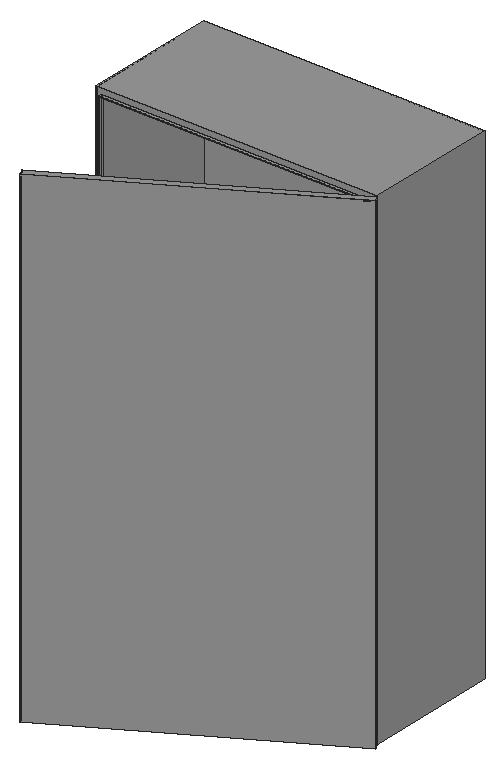
Revit family "Hager-Univers-IP55-D400-H1400-Cl.II-Steel_encl-NoHosted-BE-fr", category Electrical Equipment, Revit 2020
Family settings
  Panel Configuration = Two Columns, Circuits Across
  Round Connector Dimension = Use Diameter
  Part Type = Panelboard
  Work Plane-Based = Yes
  Always vertical = Yes
  Cut with Voids When Loaded = No
  Shared = No
  Room Calculation Point = No
Parameters (values of type "saillie IP55 L800 H1400 P400  - FR93H")
  Width Control [instance] = if([EF000008 - largeur] > Min Width, [EF000008 - largeur], Min Width)  # 800 mm
  Type Comments = [HG000003 - Gamme]  # "Univers"
  Thickness Door [instance] = if([EF009171 - épaisseur de matériau de la porte/du couvercle] > 3 mm, 3 mm, [EF009171 - épaisseur de matériau de la porte/du couvercle])  # 1.5 mm
  Seal Frame Offset [instance] = 17 mm  # constant formula
  Plinth Visibility [instance] = [HG000027 - Hauteur du socle] > 0 mm  # no
  Min Width [instance] = 100 mm  # constant formula
  Min Depth [instance] = (2 * [EF009170 - épaisseur de matériau du boîtier]) + 1 mm  # 4 mm
  Min Height [instance] = 100 mm  # constant formula
  Internal Frame Depth [instance] = (Door System Depth * 0.5)  # 9 mm
  Panel Name [instance] = ""  # (empty or 0)
  Model = ""
  HG000027 - Hauteur du socle = 0 mm
  HG000026 - Installation au sol = no
  HG000024 - Hauteur de la section basse = 600 mm
  HG000023 - Armoire double section = no
  HG000016 - Visibilité de la porte 3D [instance] = yes
  HG000015 - Visibilité de l'emprise de la porte [instance] = no
  HG000014 - Porte à droite [instance] = yes
  HG000013 - Porte à gauche [instance] = not([HG000014 - Porte à droite])  # no
  HG000012 - Angle de pivotement de la porte [instance] = 30.00°
  HG000010 - Portes asymétriques = no
  HG000009 - Porte à double battant = no
  HG000006 - Encastré = no
  HG000004 - Référence fabricant = "FR93H"
  HG000003 - Gamme = "Univers"
  HG000002 - avec porte = yes
  Frame Offset Bottom [instance] = 10 mm  # constant formula
  Frame Offset [instance] = 15 mm  # constant formula
  EF015940 - couvercle avec décharge de pression = no
  EF011959 - degré de protection (NEMA) = ""
  EF009554 - nombre d'ouvertures pour plaques à bride = 6
  EF009212 - finition du couvercle = "EV000116 - fermé"
  EF009171 - épaisseur de matériau de la porte/du couvercle = 1.5 mm
  EF009170 - épaisseur de matériau du boîtier = 1.5 mm
  EF008873 - courant nominal (In) = 800 A
  EF007800 - adapté à un parafoudre = no
  EF006306 - avec serrure = no
  EF006244 - couvercle/porte transparent(e) = no
  EF005474 - indice de protection (IP) = "EV006420 - IP55"
  EF004464 - type de porte = "EV002646 - unique"
  EF004427 - nombre de modules = 324
  EF004293 - indice de protection contre les chocs (IK) = "EV008784 - IK10"
  EF003532 - convient pour utilisation à l’extérieur = no
  EF002950 - largeur en nombre de modules = 24
  EF001613 - maintien de fonction = "EV000494 - sans"
  EF001596 - matériau du boîtier/corps = "EV000179 - acier"
  EF001131 - profondeur intérieure = 400 mm
  EF001088 - possibilité de montage en saillie = yes
  EF000437 - nombre d'entrées de conduit = 6
  EF000339 - type de capot = "EV004216 - porte"
  EF000266 - nombre de rangées = 9
  EF000218 - profondeur d'encastrement = 0 mm
  EF000118 - avec cadre/support de montage = no
  EF000116 - numéro RAL = "7035"
  EF000049 - profondeur = 400 mm
  EF000040 - hauteur = 1400 mm
  EF000008 - largeur = 800 mm
  EF000007 - couleur = "EV000270 - gris"
  EF000003 - mode de pose = "EV000384 - saillie"
  Door System Leaf Tolerance [instance] = 1.5 mm  # constant formula
  Door System Depth [instance] = 18 mm  # constant formula
  Door Height [instance] = Height Control - [HG000027 - Hauteur du socle]  # 1400 mm
  Description = ""
  Default Elevation = 1219.2 mm
  Connector Offset [instance] = Height Control / 2  # 700 mm
  Manufacturer = "Hager"  # constant formula
  Height Control [instance] = if([EF000040 - hauteur] > Min Height, [EF000040 - hauteur], Min Height)  # 1400 mm
  Depth Control [instance] = if([EF000049 - profondeur] > Min Depth, [EF000049 - profondeur], Min Depth)  # 400 mm
  Bottom Top Plate Trim [instance] = 1.5 mm  # constant formula
  Plinth height Ctrl [instance] = if([HG000027 - Hauteur du socle] > 0 mm, [HG000027 - Hauteur du socle], 12 mm)  # 12 mm
Types (3, lengths in mm): name | Width Control | HG000009 - Porte à double battant | HG000004 - Référence fabricant | EF009554 - nombre d'ouvertures pour plaques à bride | EF004464 - type de porte | EF004427 - nombre de modules | EF000437 - nombre d'entrées de conduit | EF000008 - largeur
  saillie IP55 L1050 H1400 P400  - FR94H | 1050 | yes | "FR94H" | 8 | "EV003602 - double" | 432 | 8 | 1050
  saillie IP55 L550 H1400 P400  - FR92H | 550 | no | "FR92H" | 4 | "EV002646 - unique" | 216 | 4 | 550
  saillie IP55 L800 H1400 P400  - FR93H | 800 | no | "FR93H" | 6 | "EV002646 - unique" | 324 | 6 | 800
Reference planes
  plane 1 "Center (Front/Back)": y = 0
  plane 2: z = 0
  plane 3 "Center (Left/Right)": x = 0
  plane 4: y = 0
  plane 5: y = 0
  plane 6: z = 0
  plane 7: x = -400
  plane 8: x = 400
  plane 9: x = 398.5
  plane 10: x = -398.5
  plane 11: z = 0
  plane 12: z = 1.5
  plane 13: y = -400
  plane 14: y = -1.5
  plane 15: x = 0
  plane 16: y = -382
  plane 17: y = -398.5
  plane 18: y = -380.5
  plane 19: x = -383.5
  plane 20: x = 383.5
  plane 21: z = 11.5
  plane 22: x = -383
  plane 23: x = 383
  plane 24: z = 0
  plane 25: z = 1400
  plane 26: z = 1400
  plane 27: z = 1383.5
  plane 28: z = 1398.5
Forms (mm)
  Extrusion 1, solid, material "Hager_Steel_RAL7035_Light_Grey", detail levels medium+fine
    sketch origin (-208.679, -4572, 0) x (-1, 0, 0) y (0, -1, 0)
      loop
        line (191.321, -4190) -> (-608.679, -4190) -> (-608.679, -4572) -> (191.321, -4572) -> (191.321, -4190)
    from 0 to 1400
  Extrusion 2, void
    sketch origin (-350.771, -400, 1219.2) x (1, 0, 0) y (0, 0, 1)
      loop
        line (-47.729, 179.3) -> (-47.729, -1217.7) -> (749.271, -1217.7) -> (749.271, 179.3) -> (-47.729, 179.3)
    from -19.5 to -398.5
  Extrusion 3, void
    sketch origin (-290.084, -382, 1219.2) x (1, 0, 0) y (0, 0, 1)
      loop
        line (-93.416, -1207.7) -> (673.584, -1207.7) -> (673.584, 164.3) -> (-93.416, 164.3) -> (-93.416, -1207.7)
    from 0 to -1.5
  Extrusion 4, solid, material "Hager_Steel_RAL7035_Light_Grey", visible <- "Plinth Visibility", detail levels medium+fine
    sketch origin (0, 0, 0) x (1, 0, 0) y (0, 1, 0)
      loop
        line (-400, 0) -> (-400, -382) -> (400, -382) -> (400, 0) -> (-400, 0)
    from 0 to 12 <- "Plinth height Ctrl"
  Extrusion 5, solid, material "Hager_Steel_RAL7035_Light_Grey", detail levels coarse
    sketch origin (0, 0, 0) x (1, 0, 0) y (0, 1, 0)
      loop
        line (-400, 0) -> (-400, -400) -> (400, -400) -> (400, 0) -> (-400, 0)
    from 0 to 1400 <- "Height Control"
  Sweep 6, void
    path in 3D
      loop
        line (-400, -382, 12) -> (400, -382, 12) -> (400, 0, 12) -> (-400, 0, 12) -> (-400, -382, 12)
    profile origin (-400, -191, 12) x (1, 0, 0) y (0, 0, 1)
      loop
        line (0, 0) -> (0, -1.5) -> (1.5, -1.5)
        arc (1.5, -1.5) -> (1.061, -0.439) -> (0, 0) r 1.5
  Extrusion 7, solid, material "Hager_Steel_RAL7035_Light_Grey", detail levels fine
    sketch origin (-400, -382, 0) x (1, 0, 0) y (0, 0, 1)
      loop
        line (16.5, 11.5) -> (783.5, 11.5) -> (783.5, 1383.5) -> (16.5, 1383.5) -> (16.5, 11.5)
      loop
        line (15, 10) -> (785, 10) -> (785, 1385) -> (15, 1385) -> (15, 10)
    from 0 to 9 <- "Internal Frame Depth"
Cuts and joins
  Extrusion 2, Extrusion 3 cuts Extrusion 1
  Sweep 6 cuts Extrusion 4
Lines and regions (mm)
  Masking region 1
    outline origin (0, 0, 0) x (1, 0, 0) y (0, 1, 0)
      loop
        line (-400, 0) -> (-400, -400) -> (400, -400) -> (400, 0) -> (-400, 0)
  Masking region 2, detail levels coarse
    outline origin (-290.084, -382, 1219.2) x (-1, 0, 0) y (0, 0, 1)
      loop
        line (-690.084, -1219.2) -> (109.916, -1219.2) -> (109.916, 180.8) -> (-690.084, 180.8) -> (-690.084, -1219.2)
  Masking region 3, detail levels coarse
    outline origin (0, 0, 0) x (0, 1, 0) y (0, 0, 1)
      loop
        line (0, 0) -> (0, 1400) -> (-400, 1400) -> (-400, 0) -> (0, 0)
  Masking region 4, visible <- "Plinth Visibility", detail levels medium+fine
    outline origin (0, 0, 0) x (0, 1, 0) y (0, 0, 1)
      loop
        line (-1.5, 12) -> (-380.5, 12)
        arc (-380.5, 12) -> (-380.939, 10.939) -> (-382, 10.5) r 1.5
        line (-382, 10.5) -> (-382, 0) -> (0, 0) -> (0, 10.5)
        arc (0, 10.5) -> (-1.061, 10.939) -> (-1.5, 12) r 1.5
  Masking region 5, detail levels medium+fine
    outline origin (0, 0, 594.038) x (0, 1, 0) y (0, 0, 1)
      loop
        line (0, -594.038) -> (0, 805.962) -> (-382, 805.962) -> (-382, -594.038) -> (0, -594.038)
  Masking region 6, detail levels medium+fine
    outline origin (-359.7, -382, 1211.883) x (-1, 0, 0) y (0, 0, 1)
      loop
        line (-759.7, -1211.883) -> (40.3, -1211.883) -> (40.3, 188.117) -> (-759.7, 188.117) -> (-759.7, -1211.883)
  Masking region 7, visible <- "Plinth Visibility", detail levels medium+fine
    outline origin (-320.334, -382, 1041.368) x (-1, 0, 0) y (0, 0, 1)
      loop
        line (-720.334, -1041.368) -> (79.666, -1041.368) -> (79.666, -1030.868)
        arc (79.666, -1030.868) -> (78.606, -1030.429) -> (78.166, -1029.368) r 1.5
        line (78.166, -1029.368) -> (-718.834, -1029.368)
        arc (-718.834, -1029.368) -> (-719.273, -1030.429) -> (-720.334, -1030.868) r 1.5
        line (-720.334, -1030.868) -> (-720.334, -1041.368)
  sketch lines
    curve 1: line (-400, 0, 12) -> (-400, -382, 12)
    curve 2: line (-400, -382, 12) -> (400, -382, 12)
    curve 3: line (400, 0, 12) -> (-400, 0, 12)
    curve 4: line (400, -382, 12) -> (400, 0, 12)
Dimensions and locks
  locked: plane 1 "Center (Front/Back)" to plane 5
  "EF009170 - épaisseur de matériau du boîtier": plane 7 to plane 10
  "EF009170 - épaisseur de matériau du boîtier": plane 8 to plane 9
  equal spacing: plane 7, plane 3 "Center (Left/Right)", plane 8
  "Width Control": plane 7 to plane 8
  "Depth Control": plane 4 to plane 13
  "EF009170 - épaisseur de matériau du boîtier": plane 4 to plane 14
  "Height Control": plane 25 to level
  "HG000027 - Hauteur du socle": plane 11 to level
  "EF009170 - épaisseur de matériau du boîtier": plane 12 to plane 11
  "EF009170 - épaisseur de matériau du boîtier": plane 17 to plane 13
  "EF009170 - épaisseur de matériau du boîtier": plane 18 to plane 16
  "Frame Offset Bottom": plane 21 to plane 12
  "Frame Offset": plane 10 to plane 19
  "Frame Offset": plane 9 to plane 20
  "Door System Depth": plane 16 to plane 13
  "Seal Frame Offset": plane 7 to plane 22
  "Seal Frame Offset": plane 8 to plane 23
  "EF009170 - épaisseur de matériau du boîtier": plane 26 to plane 28
  "Frame Offset": plane 28 to plane 27
  "Connector Offset": plane 2 to connector elem
  "Bottom Top Plate Trim": profile plane to Sweep 6 sketch curve
  "Bottom Top Plate Trim": Sweep 6 sketch curve to Sweep 6 sketch curve
  "Plinth height Ctrl": Masking region 4 sketch curve to level
  "Plinth height Ctrl": Masking region 7 sketch curve to level
  "Thickness Door": Extrusion 7 sketch curve to Extrusion 7 sketch curve  (x4)
  "Bottom Top Plate Trim": radius of Sweep 6 sketch curve
  "Bottom Top Plate Trim": radius of Masking region 4 sketch curve  (x2)
  "Bottom Top Plate Trim": radius of Masking region 7 sketch curve  (x2)
  aligned and locked: Extrusion 2 sketch curve to plane 12
  aligned and locked: Extrusion 2 sketch curve to plane 9
  aligned and locked: Extrusion 2 sketch curve to plane 10
  aligned and locked: Extrusion 2 to plane 14
  aligned and locked: Extrusion 1 sketch curve to plane 4
  aligned and locked: plane 8 to Extrusion 1 sketch curve
  aligned and locked: plane 7 to Extrusion 1 sketch curve
  aligned and locked: Extrusion 2 to plane 18
  aligned and locked: Extrusion 3 sketch curve to plane 19
  aligned and locked: plane 20 to Extrusion 3 sketch curve
  aligned and locked: Extrusion 3 to Extrusion 2
  aligned and locked: Extrusion 3 sketch curve to plane 21
  aligned and locked: plane 3 "Center (Left/Right)" to nested 1
  aligned and locked: Extrusion 1 sketch curve to plane 16
  aligned and locked: Extrusion 4 sketch curve to cut or joined group of Extrusion 1, Extrusion 2, Extrusion 3
  aligned and locked: Masking region 1 sketch curve to plane 7
  aligned and locked: Masking region 1 sketch curve to plane 5
  aligned and locked: Masking region 1 sketch curve to plane 8
  aligned and locked: Masking region 2 sketch curve to level
  aligned and locked: level to Masking region 3 sketch curve
  aligned and locked: plane 1 "Center (Front/Back)" to Masking region 3 sketch curve
  aligned and locked: plane 13 to Masking region 3 sketch curve
  aligned and locked: plane 5 to Masking region 4 sketch curve
  aligned and locked: Masking region 2 sketch curve to plane 8
  aligned and locked: Masking region 2 sketch curve to plane 7
  aligned and locked: plane 7 to nested 2
  aligned and locked: nested 2 to plane 5
  aligned and locked: plane 5 to Masking region 5 sketch curve
  aligned and locked: plane 26 to Masking region 5 sketch curve
  aligned and locked: Extrusion 5 sketch curve to plane 8
  aligned and locked: Extrusion 5 sketch curve to plane 7
  aligned and locked: Extrusion 5 sketch curve to plane 5
  aligned and locked: Extrusion 3 sketch curve to plane 27
  aligned and locked: Extrusion 2 sketch curve to plane 28
  aligned and locked: Masking region 2 to plane 25
  aligned and locked: Extrusion 4 to plane 16
  aligned and locked: profile plane to Sweep 6 sketch curve
  aligned and locked: Masking region 5 sketch curve to plane 24
  aligned and locked: level to Masking region 4 sketch curve
  aligned and locked: Masking region 1 to plane 13
  aligned and locked: nested 1 to plane 16
  aligned and locked: Masking region 3 to plane 25
  aligned and locked: plane 16 to Masking region 4 sketch curve
  aligned and locked: Masking region 5 sketch curve to plane 16
  aligned and locked: plane 24 to plane 11
  aligned and locked: plane 26 to plane 25
  aligned and locked: plane 26 to cut or joined group of Extrusion 1, Extrusion 2, Extrusion 3
  aligned and locked: nested 1 to plane 24
  aligned and locked: Extrusion 1 to Extrusion 3
  aligned and locked: Masking region 6 sketch curve to plane 8
  aligned and locked: Masking region 6 sketch curve to plane 24
  aligned and locked: Masking region 6 sketch curve to plane 7
  aligned and locked: Masking region 6 sketch curve to plane 26
  aligned and locked: Masking region 7 sketch curve to plane 7
  aligned and locked: level to Masking region 7 sketch curve
  aligned and locked: Masking region 7 sketch curve to plane 8
  aligned and locked: Extrusion 7 sketch curve to cut or joined group of Extrusion 1, Extrusion 2, Extrusion 3  (x4)
Automatic sketch dimensions
  plane 19 to Extrusion 3 sketch curve = 0 mm
  Extrusion 3 sketch curve to plane 20 = 0 mm
  Extrusion 3 sketch curve to plane 21 = 0 mm
  Extrusion 4 sketch curve to plane 7 = 0 mm
  Extrusion 4 sketch curve to plane 8 = 0 mm
  Extrusion 4 sketch curve to plane 16 = 0 mm
  Masking region 1 sketch curve to plane 13 = 0 mm
  Masking region 2 sketch curve to plane 25 = 0 mm
  Masking region 3 sketch curve to plane 25 = 0 mm
  Extrusion 5 sketch curve to plane 13 = 0 mm
  profile plane to Sweep 6 sketch curve = 0 mm
Nested families
  nested 1: "EC000058_Univers_Door" at (0, -382, 0), Double <- "HG000009 - Porte à double battant", Transparent <- "EF006244 - couvercle/porte transparent(e)", Angle <- "HG000012 - Angle de pivotement de la porte", Door_Right <- "HG000014 - Porte à droite", Assymetrical <- "HG000010 - Portes asymétriques", Door <- "HG000002 - avec porte", Width_Ctrl <- "Width Control", 3d_Door <- "HG000016 - Visibilité de la porte 3D", Clearance <- "HG000015 - Visibilité de l'emprise de la porte", Door_Left <- "HG000013 - Porte à gauche", Width <- "Width Control", Door_Depth <- "Door System Depth", Leaf_Tolerance <- "Door System Leaf Tolerance", Height <- "Door Height", Lock_Visibility <- "EF006306 - avec serrure", Thickness <- "Thickness Door", type "EC000058_Univers_Door", detail levels medium+fine
    with min_wh 4 mm, Width_Ctrl 800 mm, Width 800 mm, Transparent no, Thickness 1.5 mm, Seal_Material Hager_Rubber, Lock_Visibility no, Lock_Material Hager_Plastic_RAL9005_Jet_Black, Leaf_Width 800 mm, Leaf_Tolerance_External_Sides 0 mm, Leaf_Tolerance 1.5 mm, Leaf_Offset 0 mm, Leaf_Height 1397 mm, Leaf_2_Width 800 mm, Leaf_2_Offset 400 mm, Leaf_1_Width 800 mm, Leaf_1_Offset 400 mm, Height_Ctrl 1400 mm, Height 1400 mm, Glass_Material Hager_Glass, Double_Clearance_Ctrl no, Double no, Door_Right_Ctrl yes, Door_Right yes, Door_Material Hager_Steel_RAL7035_Light_Grey, Door_Left_Ctrl no, Door_Left no, Door_Depth 18 mm, Door yes, Clearance_Material Hager_Clearance, Clearance_Depth 800 mm, Clearance_Ctrl no, Clearance no, Assymetrical no, Angle 30.00°, 3d_Door yes
  nested 2: "Hager_Enclosure_Symbol" at (-400, 0, 0), Height <- "Depth Control", Width <- "Width Control", type "Hager_Enclosure_Symbol"
    with Width_Ctrl 800 mm, Width 800 mm, Height_Ctrl 400 mm, Height 400 mm, A_Width_Int 26.25 mm, A_Width 315 mm, A_Height_Ctrl 350 mm, A_Height 350 mm
Connectors
  electrical at (0, 0, 700)
    settings: on plane 1 "Center (Front/Back)", index 1, voltage 0 V, apparent load 0 VA, apparent load phase1 0 VA, apparent load phase2 0 VA, apparent load phase3 0 VA, power factor 1, load classification "Other", number of poles 1, system type 30, power factor state 1, is connector primary yes, connector utility no, sub classification motor no, connector description ""
Definition of nested family "EC000058_Univers_Door"
  Parameters (values of type "EC000058_Univers_Door")
    min_wh [instance] = (2 * Thickness) + 1 mm  # 11 mm
    Width_Ctrl [instance] = 400 mm
    Width [instance] = 500 mm
    Transparent [instance] = yes
    Thickness [instance] = 5 mm
    Seal_Material [instance] = none
    Lock_Visibility [instance] = yes
    Lock_Material [instance] = none
    Leaf_Width [instance] = if((Width_Ctrl - 2 * Leaf_Tolerance_External_Sides) > 0 mm, (Width_Ctrl - 2 * Leaf_Tolerance_External_Sides), min_wh)  # 400 mm
    Leaf_Tolerance_External_Sides [instance] = 0 mm  # constant formula
    Leaf_Tolerance [instance] = 1.5 mm
    Leaf_Offset [instance] = 0 mm  # constant formula
    Leaf_Height [instance] = if((Height_Ctrl - 2 * Leaf_Tolerance) > 0 mm, (Height_Ctrl - 2 * Leaf_Tolerance), min_wh)  # 497 mm
    Leaf_2_Width [instance] = if(and(and(Double, Assymetrical), Door_Left), (Leaf_Width / 3) - (Leaf_Tolerance / 2), if(and(and(Double, Assymetrical), Door_Right), (Leaf_Width / 3) * 2 - (Leaf_Tolerance / 2), if(and(Double, not(Assymetrical)), (Leaf_Width / 2) - Leaf_Tolerance, Leaf_Width)))  # 400 mm
    Leaf_2_Offset [instance] = if(and(Double, Assymetrical), Leaf_2_Width / 2, if(and(Double, not(Assymetrical)), Leaf_Width / 4, Leaf_Width / 2))  # 200 mm
    Leaf_1_Width [instance] = if(and(and(Double, Assymetrical), Door_Right), (Leaf_Width / 3) - (Leaf_Tolerance / 2), if(and(and(Double, Assymetrical), Door_Left), (Width / 3) * 2 - (Leaf_Tolerance / 2), if(and(Double, not(Assymetrical)), (Leaf_Width / 2) - Leaf_Tolerance, Leaf_Width)))  # 400 mm
    Leaf_1_Offset [instance] = if(and(Double, Assymetrical), Leaf_1_Width / 2, if(and(Double, not(Assymetrical)), Leaf_Width / 4, Leaf_Width / 2))  # 200 mm
    Height_Ctrl [instance] = if(Height > min_wh, Height, min_wh)  # 500 mm
    Height [instance] = 500 mm
    Glass_Material [instance] = none
    Double_Clearance_Ctrl [instance] = and(Double, Clearance)  # no
    Double [instance] = no
    Door_Right_Ctrl [instance] = and(or(Door_Right, Double), Door)  # yes
    Door_Right [instance] = yes
    Door_Material [instance] = none
    Door_Left_Ctrl [instance] = and(or(Door_Left, Double), Door)  # no
    Door_Left [instance] = no
    Door_Depth [instance] = 30 mm
    Door [instance] = yes
    Default Elevation = 1219.2 mm
    Clearance_Material [instance] = none
    Clearance_Depth [instance] = if(Leaf_1_Width > Leaf_2_Width, Leaf_1_Width, Leaf_2_Width)  # 400 mm
    Clearance_Ctrl [instance] = and(not(Double), Clearance)  # yes
    Clearance [instance] = yes
    Assymetrical [instance] = yes
    Angle [instance] = 30.00°
    3d_Door [instance] = yes
  Reference planes
    plane 1 "Center (Front/Back)": y = 0
    plane 2 "Bottom": z = 0
    plane 3 "Center (Left/Right)": x = 0
    plane 4: z = 500
    plane 5: x = -200
    plane 6: x = 200
    plane 7: z = 500
    plane 8: x = -200
    plane 9: z = 0
    plane 10: x = 200
    plane 11: y = 0
    plane 12: z = 1.5
    plane 13: x = -600
    plane 14: y = -400
    plane 15: x = 600
    plane 16: x = 0
    plane 17: x = 0
    plane 18: x = -200
    plane 19: x = 200
    plane 20: z = 498.5
  Forms (mm)
    Extrusion 1, solid, material <- "Clearance_Material", visible <- "Double_Clearance_Ctrl"
      sketch origin (1200, 0, 0) x (1, 0, 0) y (0, 0, -1)
        loop
          line (-1800, -498.5) -> (-600, -498.5) -> (-600, 0) -> (-1800, 0) -> (-1800, -498.5)
      from 0 to -400
  Dimensions and locks
    equal spacing: plane 5, plane 3 "Center (Left/Right)", plane 6
    "Width_Ctrl": plane 5 to plane 6
    "Leaf_Offset": plane 5 to plane 8
    "Leaf_Offset": plane 6 to plane 10
    "Leaf_Offset": plane 9 to level
    "Leaf_Offset": plane 4 to plane 7
    "Height_Ctrl": plane 4 to level
    "Leaf_Tolerance": plane 12 to plane 9
    locked: plane 11 to plane 1 "Center (Front/Back)"
    "Leaf_1_Offset": plane 18 to plane 16
    "Leaf_2_Offset": plane 17 to plane 19
    "Leaf_1_Width": plane 13 to plane 8
    "Leaf_2_Width": plane 10 to plane 15
    "Clearance_Depth": plane 14 to plane 1 "Center (Front/Back)"
    "Leaf_Tolerance_External_Sides": plane 8 to plane 18
    "Leaf_Tolerance_External_Sides": plane 19 to plane 10
    "Leaf_Tolerance": plane 7 to plane 20
    aligned and locked: level to plane 2 "Bottom"
    aligned and locked: nested 1 to plane 16
    aligned and locked: nested 2 to plane 17
    aligned and locked: Extrusion 1 to plane 13
    aligned and locked: plane 15 to Extrusion 1
    aligned and locked: Extrusion 1 to plane 14
    aligned and locked: plane 12 to nested 1
    aligned and locked: nested 2 to plane 12
    aligned and locked: Extrusion 1 to plane 11
    aligned and locked: plane 20 to Extrusion 1
    aligned and locked: nested 2 to plane 11
    aligned and locked: nested 1 to plane 11
  Automatic sketch dimensions
    Extrusion 1 sketch curve to level = 0 mm
    plane 5 to Extrusion 1 sketch curve = 400 mm
    plane 6 to Extrusion 1 sketch curve = 400 mm
    Extrusion 1 sketch curve to plane 4 = 1.5 mm
  Nested families
    nested 1: "EC000058_Univers_Door_Leaf" at (0, 0, 1.5), Width <- "Leaf_1_Width", visible <- "Door_Left_Ctrl", Leaf_Height <- "Leaf_Height", Angle <- "Angle", 3d_Door <- "3d_Door", Transparent <- "Transparent", Clearance Material <- "Clearance_Material", Clearance <- "Clearance_Ctrl", Door_Material <- "Door_Material", Glass_Material <- "Glass_Material", Door_Depth <- "Door_Depth", Lock_Material <- "Lock_Material", Seal_Material <- "Seal_Material", Lock_Visibility <- "Lock_Visibility", Thickness <- "Thickness", type "EC000058_Univers_Door_Leaf"
      with Width 400 mm, Transparent_Glass_Offset 30 mm, Transparent_Ctrl yes, Transparent yes, Thickness 5 mm, Standard no, Seal_Material none, Seal_D2 8 mm, Seal_D1 1 mm, Offset_Internal_Frame 10 mm, Lock_Width 20 mm, Lock_Visibility_3d yes, Lock_Visibility yes, Lock_Thickness_3 3 mm, Lock_Thickness_2 1 mm, Lock_Thickness_1 3 mm, Lock_Radius_Offset_2 16 mm, Lock_Radius_Offset_1 15 mm, Lock_Radius_2 5 mm, Lock_Radius 6 mm, Lock_Offset 5 mm, Lock_Material none, Lock_Height 80 mm, Lock_Cover_Top_Offset_2d 17 mm, Lock_Cover_Height -65 mm, Leaf_Height 497 mm, Internal_Seal_Thickness 8 mm, Internal_Seal_Depth_2 4.5 mm, Internal_Frame_Depth 25 mm, Glass_Thickness -1 mm, Glass_Offset -2 mm, Glass_Material none, Door_Material none, Door_Depth 30 mm, Clearance Material none, Clearance yes, Angle_Ctrl 30.00°, Angle 30.00°, 3d_Door yes
    nested 2: "EC000058_Univers_Door_Leaf" at (0, 0, 1.5) x (-1, 0, 0) z (0, 0, 1), Width <- "Leaf_2_Width", visible <- "Door_Right_Ctrl", Leaf_Height <- "Leaf_Height", Angle <- "Angle", 3d_Door <- "3d_Door", Transparent <- "Transparent", Clearance Material <- "Clearance_Material", Clearance <- "Clearance_Ctrl", Door_Material <- "Door_Material", Glass_Material <- "Glass_Material", Door_Depth <- "Door_Depth", Lock_Material <- "Lock_Material", Seal_Material <- "Seal_Material", Lock_Visibility <- "Lock_Visibility", Thickness <- "Thickness", type "EC000058_Univers_Door_Leaf"
      with Width 400 mm, Transparent_Glass_Offset 30 mm, Transparent_Ctrl yes, Transparent yes, Thickness 5 mm, Standard no, Seal_Material none, Seal_D2 8 mm, Seal_D1 1 mm, Offset_Internal_Frame 10 mm, Lock_Width 20 mm, Lock_Visibility_3d yes, Lock_Visibility yes, Lock_Thickness_3 3 mm, Lock_Thickness_2 1 mm, Lock_Thickness_1 3 mm, Lock_Radius_Offset_2 16 mm, Lock_Radius_Offset_1 15 mm, Lock_Radius_2 5 mm, Lock_Radius 6 mm, Lock_Offset 5 mm, Lock_Material none, Lock_Height 80 mm, Lock_Cover_Top_Offset_2d 17 mm, Lock_Cover_Height -65 mm, Leaf_Height 497 mm, Internal_Seal_Thickness 8 mm, Internal_Seal_Depth_2 4.5 mm, Internal_Frame_Depth 25 mm, Glass_Thickness -1 mm, Glass_Offset -2 mm, Glass_Material none, Door_Material none, Door_Depth 30 mm, Clearance Material none, Clearance yes, Angle_Ctrl 30.00°, Angle 30.00°, 3d_Door yes
  Definition of nested family "EC000058_Univers_Door_Leaf"
    Parameters (values of type "EC000058_Univers_Door_Leaf")
      Width [instance] = 2000 mm
      Transparent_Glass_Offset [instance] = 30 mm
      Transparent_Ctrl [instance] = and(Transparent, [3d_Door])  # yes
      Transparent [instance] = yes
      Thickness [instance] = 5 mm
      Standard [instance] = and(not(Transparent), [3d_Door])  # no
      Seal_Material [instance] = none
      Seal_D2 [instance] = 8 mm  # constant formula
      Seal_D1 [instance] = 1 mm  # constant formula
      Offset_Internal_Frame [instance] = 10 mm  # constant formula
      Lock_Width [instance] = 20 mm  # constant formula
      Lock_Visibility_3d [instance] = and(Lock_Visibility, [3d_Door])  # yes
      Lock_Visibility [instance] = yes
      Lock_Thickness_3 [instance] = 3 mm  # constant formula
      Lock_Thickness_2 [instance] = 1 mm  # constant formula
      Lock_Thickness_1 [instance] = 3 mm  # constant formula
      Lock_Radius_Offset_2 [instance] = Lock_Radius_Offset_1 + 1 mm  # 16 mm
      Lock_Radius_Offset_1 [instance] = 15 mm  # constant formula
      Lock_Radius_2 [instance] = Lock_Radius - 1 mm  # 5 mm
      Lock_Radius [instance] = 6 mm  # constant formula
      Lock_Offset [instance] = 5 mm  # constant formula
      Lock_Material [instance] = none
      Lock_Height [instance] = 80 mm  # constant formula
      Lock_Cover_Top_Offset_2d [instance] = Lock_Radius_Offset_2 + 1 mm  # 17 mm
      Lock_Cover_Height [instance] = -(Lock_Height - Lock_Radius_Offset_1)  # -65 mm
      Leaf_Height [instance] = 2720.336 mm
      Internal_Seal_Thickness [instance] = 8 mm  # constant formula
      Internal_Seal_Depth_2 [instance] = 4.5 mm  # constant formula
      Internal_Frame_Depth [instance] = if(Door_Depth - Thickness > 5 mm, Door_Depth - Thickness, 5 mm)  # 25 mm
      Glass_Thickness [instance] = if(Thickness > 15 mm, Glass_Offset + 10 mm, -1 mm)  # -1 mm
      Glass_Offset [instance] = if(Thickness > 15 mm, -(Thickness + 10 mm) / 2, -2 mm)  # -2 mm
      Glass_Material [instance] = none
      Door_Material [instance] = none
      Door_Depth [instance] = 30 mm
      Default Elevation = 0 mm
      Clearance Material [instance] = none
      Clearance [instance] = yes
      Angle_Ctrl [instance] = if(Angle > 180.00°, 180.00°, Angle)  # 90.00°
      Angle [instance] = 90.00°
      3d_Door [instance] = yes
    Reference planes
      plane 1 "Center (Front/Back)": y = 0
      plane 2: z = 0
      plane 3 "Center (Left/Right)": x = 0
      plane 4: y = 2000
      plane 5: x = -1000
      plane 6: x = 1000
      plane 7: x = -3000
      plane 8: z = 2720.336
      plane 9: z = 30
      plane 10: z = 2690.336
      plane 11: x = 970
      plane 12: x = -970
      plane 13: y = -3
      plane 14: z = 107.833
      plane 15: y = -5
      plane 16: y = -223.314
      plane 17: x = -1000
      plane 18: z = 1360.168
      plane 19: y = 30
    Forms (mm)
      Extrusion 1, solid, material <- "Clearance Material", visible <- "Clearance"
        sketch origin (0, 0, 0) x (1, 0, 0) y (0, 0, 1)
          loop
            line (-3000, 2720.336) -> (-3000, 0) -> (1000, 0) -> (1000, 2720.336) -> (-3000, 2720.336)
        from 0 to -2000
      Extrusion 2, solid, material <- "Door_Material", visible <- "Standard", detail levels medium+fine
        sketch origin (-1000, 0, 0) x (0, 1, 0) y (-1, 0, 0)
          loop
            line (0, 30) -> (0, 25) -> (2000, 25) -> (2000, 30) -> (0, 30)
        from 0 to 2720.336 <- "Leaf_Height"
      Extrusion 3, solid, material <- "Door_Material", visible <- "Transparent_Ctrl", detail levels medium+fine
        sketch origin (-1000, 0, 0) x (0, 1, 0) y (-1, 0, 0)
          loop
            line (0, 25) -> (2000, 25) -> (2000, 30) -> (0, 30) -> (0, 25)
        from 0 to 2720.336 <- "Leaf_Height"
      Extrusion 4, void
        sketch origin (-1025, 2000, 0) x (0, 1, 0) y (0, 0, -1)
          loop
            line (-30, -2690.336) -> (-30, -30) -> (-1970, -30) -> (-1970, -2690.336) -> (-30, -2690.336)
        from 0 to 5 <- "Thickness"
      Sweep 5, solid, material <- "Seal_Material", visible <- "Transparent_Ctrl", detail levels fine
        path in 3D
          loop
            line (-1025, 30, 30) -> (-1025, 30, 2690.336) -> (-1025, 1970, 2690.336) -> (-1025, 1970, 30) -> (-1025, 30, 30)
        profile origin (-1025, 1000, 30) x (1, 0, 0) y (0, 0, 1)
          loop
            line (0, 0) -> (0, -8) -> (1, -8) -> (1, 0) -> (0, 0)
      Extrusion 6, solid, material <- "Glass_Material", visible <- "Transparent_Ctrl", detail levels medium+fine
        sketch origin (-1030, 0, 0) x (0, 1, 0) y (0, 0, -1)
          loop
            line (1970, -2690.336) -> (1970, -30) -> (30, -30) -> (30, -2690.336) -> (1970, -2690.336)
        from -2 <- "Glass_Offset" to -1 <- "Glass_Thickness"
      Extrusion 7, solid, material <- "Door_Material", visible <- "3d_Door", detail levels medium+fine
        sketch origin (-1025, 2000, 0) x (0, -1, 0) y (0, 0, -1)
          loop
            line (0, -2720.336) -> (2000, -2720.336) -> (2000, 0) -> (0, 0) -> (0, -2720.336)
          loop
            line (1995, -5) -> (5, -5) -> (5, -2715.336) -> (1995, -2715.336) -> (1995, -5)
        from 0 to 25 <- "Internal_Frame_Depth"
      Sweep 8, solid, material <- "Seal_Material", visible <- "Transparent_Ctrl", detail levels fine
        path in 3D
          loop
            line (-1025, 0, 0) -> (-1025, 2000, 0) -> (-1025, 2000, 2720.336) -> (-1025, 0, 2720.336) -> (-1025, 0, 0)
        profile origin (-1025, 0, 1360.168) x (1, 0, 0) y (0, 1, 0)
          loop
            line (0, 10) -> (2.975, 10)
            arc (2.975, 10) -> (4.053, 10.447) -> (4.5, 11.525) r 1.525
            line (4.5, 11.525) -> (4.5, 16.527)
            arc (4.5, 16.527) -> (4.069, 17.569) -> (3.027, 18) r 1.473
            line (3.027, 18) -> (0, 18) -> (0, 10)
      Extrusion 9, solid, material <- "Lock_Material", visible <- "Lock_Visibility_3d", detail levels fine
        sketch origin (-1030, 0, 0) x (0, 1, 0) y (0, 0, -1)
          loop
            arc (1993.5, -1400.168) -> (1994.561, -1399.729) -> (1995, -1398.668) r 1.5
            line (1995, -1398.668) -> (1995, -1320.168) -> (1975, -1320.168) -> (1975, -1398.668)
            arc (1975, -1398.668) -> (1975.439, -1399.729) -> (1976.5, -1400.168) r 1.5
            line (1976.5, -1400.168) -> (1993.5, -1400.168)
        from 3 <- "Lock_Thickness_1" to 0
      Blend 10, solid, material <- "Lock_Material", visible <- "Lock_Visibility_3d", detail levels fine
        base sketch origin (-1033, 0, 0) x (0, 1, 0) y (0, 0, -1)
          loop
            line (1975, -1320.168) -> (1975, -1398.668)
            arc (1975, -1398.668) -> (1975.439, -1399.729) -> (1976.5, -1400.168) r 1.5
            line (1976.5, -1400.168) -> (1993.5, -1400.168)
            arc (1993.5, -1400.168) -> (1994.561, -1399.729) -> (1995, -1398.668) r 1.5
            line (1995, -1398.668) -> (1995, -1320.168) -> (1975, -1320.168)
        top sketch origin (-1033, 0, 0) x (0, 1, 0) y (0, 0, -1)
          loop
            line (1976, -1320.168) -> (1976, -1398.668)
            arc (1976, -1398.668) -> (1976.146, -1399.022) -> (1976.5, -1399.168) r 0.5
            line (1976.5, -1399.168) -> (1993.5, -1399.168)
            arc (1993.5, -1399.168) -> (1993.854, -1399.022) -> (1994, -1398.668) r 0.5
            line (1994, -1398.668) -> (1994, -1320.168) -> (1976, -1320.168)
        from 0 to 1 <- "Lock_Thickness_2"
      Blend 11, solid, material <- "Lock_Material", visible <- "Lock_Visibility_3d", detail levels fine
        base sketch origin (-1034, 0, 0) x (0, 1, 0) y (0, 0, -1)
          loop
            line (1978, -1320.168) -> (1978, -1384.168)
            arc (1978, -1384.168) -> (1985, -1391.168) -> (1992, -1384.168) r 7
            line (1992, -1384.168) -> (1992, -1320.168) -> (1978, -1320.168)
        top sketch origin (-1034, 0, 0) x (0, 1, 0) y (0, 0, -1)
          loop
            line (1991, -1320.168) -> (1979, -1320.168) -> (1979, -1383.168)
            arc (1979, -1383.168) -> (1985, -1389.168) -> (1991, -1383.168) r 6
            line (1991, -1383.168) -> (1991, -1320.168)
        from 0 to 3 <- "Lock_Thickness_3"
      Extrusion 12, solid, material <- "Lock_Material", visible <- "Lock_Visibility_3d", detail levels fine
        sketch origin (-1030, 1975, 1320.168) x (1, 0, 0) y (0, -1, 0)
          loop
            line (-7, -19) -> (-7, -1) -> (0, -1) -> (0, 0) -> (-8, 0) -> (-8, -20) -> (0, -20) -> (0, -19) -> (-7, -19)
        from 0 to -65 <- "Lock_Cover_Height"
      Extrusion 13, void
        sketch origin (-1038, 1995, 1320.168) x (-1, 0, 0) y (0, 0, -1)
          loop
            line (-5, -65) -> (0, -65) -> (-5, -60) -> (-5, -65)
        from 0 to 20 <- "Lock_Width"
      Extrusion 14, void
        sketch origin (-1038, 1975, 1320.168) x (0, -1, 0) y (0, 0, -1)
          loop
            circle (-10, -15.995) r 6
          loop
            circle (-10, -15.995) r 5
        from 0 to 2
      Extrusion 15, solid, material <- "Lock_Material", visible <- "Lock_Visibility_3d", detail levels medium
        sketch origin (-1030, 0, 0) x (0, 1, 0) y (0, 0, -1)
          loop
            arc (1993.5, -1400.168) -> (1994.561, -1399.729) -> (1995, -1398.668) r 1.5
            line (1995, -1398.668) -> (1995, -1320.168) -> (1975, -1320.168) -> (1975, -1398.668)
            arc (1975, -1398.668) -> (1975.439, -1399.729) -> (1976.5, -1400.168) r 1.5
            line (1976.5, -1400.168) -> (1993.5, -1400.168)
        from 8 to 0
    Cuts and joins
      Extrusion 4 cuts Extrusion 3
      Extrusion 13, Extrusion 14 cuts Extrusion 9
      Extrusion 14 cuts Blend 11
      Extrusion 13, Extrusion 14 cuts Extrusion 12
      joined: Extrusion 9, Blend 10, Blend 11, Extrusion 12
      Extrusion 14 cuts Extrusion 15
    Lines and regions (mm)
      Masking region 1, visible <- "Lock_Visibility", detail levels fine
        outline origin (0, 0, 0) x (0, 1, 0) y (0, 0, 1)
          loop
            line (30, 1320.168) -> (33, 1320.168) -> (33, 1400.168) -> (30, 1400.168) -> (30, 1320.168)
      Masking region 2, visible <- "Lock_Visibility", detail levels fine
        outline origin (0, 3.143, 0) x (0, 1, 0) y (0, 0, 1)
          loop
            line (29.857, 1354.168) -> (30.857, 1354.168) -> (30.857, 1366.168) -> (29.857, 1366.168) -> (29.857, 1354.168)
      Masking region 3, detail levels medium+fine
        outline origin (0, 0, 0) x (0, 1, 0) y (0, 0, 1)
          loop
            line (0, 0) -> (30, 0) -> (30, 2720.336) -> (0, 2720.336) -> (0, 0)
      Masking region 4, detail levels medium+fine
        outline origin (0, 0, 0) x (1, 0, 0) y (0, 0, 1)
          loop
            line (-1000, 2720.336) -> (-1000, 0) -> (1000, 0) -> (1000, 2720.336) -> (-1000, 2720.336)
      Masking region 5, visible <- "Lock_Visibility", detail levels fine
        outline origin (-47.116, 0, 0) x (1, 0, 0) y (0, 0, 1)
          loop
            arc (1024.616, 1399.168) -> (1023.556, 1398.729) -> (1023.116, 1397.668) r 1.5
            line (1023.116, 1397.668) -> (1023.116, 1320.168) -> (1041.116, 1320.168) -> (1041.116, 1397.668)
            arc (1041.116, 1397.668) -> (1040.677, 1398.729) -> (1039.616, 1399.168) r 1.5
            line (1039.616, 1399.168) -> (1024.616, 1399.168)
      Masking region 6, visible <- "Lock_Visibility", detail levels medium+fine
        outline origin (-25, 0, 0) x (1, 0, 0) y (0, 0, 1)
          loop
            arc (1001.5, 1400.168) -> (1000.439, 1399.729) -> (1000, 1398.668) r 1.5
            line (1000, 1398.668) -> (1000, 1320.168) -> (1020, 1320.168) -> (1020, 1398.668)
            arc (1020, 1398.668) -> (1019.561, 1399.729) -> (1018.5, 1400.168) r 1.5
            line (1018.5, 1400.168) -> (1001.5, 1400.168)
      Masking region 7, visible <- "Lock_Visibility", detail levels fine
        outline origin (-73.735, 0, 0) x (1, 0, 0) y (0, 0, 1)
          loop
            line (1051.735, 1382.168) -> (1065.735, 1382.168) -> (1065.735, 1384.168)
            arc (1065.735, 1384.168) -> (1058.735, 1391.168) -> (1051.735, 1384.168) r 7
            line (1051.735, 1384.168) -> (1051.735, 1382.168)
      Masking region 8, visible <- "Lock_Visibility", detail levels fine
        outline origin (-73.735, 0, 0) x (1, 0, 0) y (0, 0, 1)
          loop
            line (1052.735, 1382.168) -> (1064.735, 1382.168) -> (1064.735, 1383.168)
            arc (1064.735, 1383.168) -> (1058.735, 1389.168) -> (1052.735, 1383.168) r 6
            line (1052.735, 1383.168) -> (1052.735, 1382.168)
      Masking region 9, visible <- "Lock_Visibility", detail levels fine
        outline origin (-25, 0, 0) x (1, 0, 0) y (0, 0, 1)
          loop
            line (1020, 1320.168) -> (1020, 1382.168) -> (1000, 1382.168) -> (1000, 1320.168) -> (1020, 1320.168)
      Masking region 10, detail levels medium+fine
        outline origin (0, 0, 0) x (1, 0, 0) y (0, 0, 1)
          loop
            circle (985, 1335.144) r 6
      Masking region 11, detail levels fine
        outline origin (0, 0, 0) x (1, 0, 0) y (0, 0, 1)
          loop
            circle (985, 1335.144) r 5
      Masking region 12, visible <- "Lock_Visibility", detail levels fine
        outline origin (0, 12.767, 0) x (0, 1, 0) y (0, 0, 1)
          loop
            line (20.233, 1320.168) -> (21.233, 1320.168) -> (21.233, 1399.168) -> (20.233, 1400.168) -> (20.233, 1320.168)
      Masking region 13, visible <- "Lock_Visibility", detail levels fine
        outline origin (0, 13.767, -10) x (0, 1, 0) y (0, 0, 1)
          loop
            line (20.233, 1330.168) -> (23.233, 1330.168) -> (23.233, 1399.168) -> (20.233, 1402.168) -> (20.233, 1330.168)
      Masking region 14, visible <- "Lock_Visibility", detail levels fine
        outline origin (0, 12.767, -10) x (0, 1, 0) y (0, 0, 1)
          loop
            line (20.233, 1330.168) -> (25.233, 1330.168) -> (25.233, 1399.305) -> (20.233, 1394.305) -> (20.233, 1330.168)
      Masking region 15, visible <- "Lock_Visibility", detail levels medium
        outline origin (0, 0, 0) x (0, 1, 0) y (0, 0, 1)
          loop
            line (30, 1320.168) -> (38, 1320.168) -> (38, 1400.168) -> (30, 1400.168) -> (30, 1320.168)
      Masking region 16, visible <- "Lock_Visibility", detail levels fine
        outline origin (-1000, 0, 0) x (0, 1, 0) y (-1, 0, 0)
          loop
            line (1975, 30) -> (1995, 30) -> (1995, 38) -> (1975, 38) -> (1975, 30)
          loop
            line (1979, 37) -> (1976, 37) -> (1976, 34) -> (1978, 34) -> (1979, 37)
          loop
            line (1994, 37) -> (1991, 37) -> (1992, 34) -> (1994, 34) -> (1994, 37)
      Masking region 17, visible <- "Lock_Visibility", detail levels medium
        outline origin (-1000, 0, 0) x (0, 1, 0) y (-1, 0, 0)
          loop
            line (1975, 30) -> (1995, 30) -> (1995, 38) -> (1975, 38) -> (1975, 30)
      symbolic lines
        curve 1: line (1000, 0, 0) -> (-3000, 0, 0)
        curve 2: arc (1000, 0, 0) -> (-1000, 2000, 0) -> (-3000, 0, 0) r 2000
        curve 4: line (-1030, 0, 0) -> (-1030, 2000, 0)
      reference lines
        curve 3: line (-1000, 0, 0) -> (-1000, 2000, 0)
      symbolic lines, detail levels medium+fine
        curve 5: line (-1030, 2000, 0) -> (-1025, 2000, 0)
        curve 7: line (-1025, 0, 0) -> (-1030, 0, 0)
        curve 8: line (-1025, 0, 0) -> (-1000, 0, 0)
        curve 9: line (-1000, 0, 0) -> (-1000, 2000, 0)
        curve 10: line (-1000, 2000, 0) -> (-1025, 2000, 0)
      symbolic lines, detail levels fine
        curve 6: line (-1025, 2000, 0) -> (-1025, 0, 0)
      sketch lines
        curve 11: line (-1025, 0, 2720.336) -> (-1025, 0, 0)
        curve 12: line (-1025, 2000, 0) -> (-1025, 0, 0)
        curve 13: line (-1025, 2000, 2720.336) -> (-1025, 2000, 0)
        curve 14: line (-1025, 0, 2720.336) -> (-1025, 2000, 2720.336)
        curve 15: line (-1025, 1970, 30) -> (-1025, 30, 30)
        curve 16: line (-1025, 30, 30) -> (-1025, 30, 2690.336)
        curve 17: line (-1025, 1970, 2690.336) -> (-1025, 1970, 30)
        curve 18: line (-1025, 30, 2690.336) -> (-1025, 1970, 2690.336)
      symbolic lines, visible <- "Transparent", detail levels medium+fine
        curve 19: line (-970, 0, 2690.336) -> (970, 0, 2690.336)
        curve 20: line (-970, 0, 30) -> (-970, 0, 2690.336)
        curve 21: line (970, 0, 30) -> (-970, 0, 30)
        curve 22: line (970, 0, 2690.336) -> (970, 0, 30)
    Dimensions and locks
      "Width": plane 1 "Center (Front/Back)" to plane 4
      equal spacing: plane 5, plane 3 "Center (Left/Right)", plane 6
      "Width": plane 5 to plane 6
      "Width": plane 7 to plane 5
      "Leaf_Height": plane 8 to level
      "Width": curve 5 to curve 3
      "Width": curve 3 to curve 3
      plane 8 to plane 10 = 30 mm
      plane 9 to level = 30 mm
      plane 12 to plane 5 = 30 mm
      plane 6 to plane 11 = 30 mm
      Extrusion 1 to Extrusion 4 sketch curve = 30 mm
      "Transparent_Glass_Offset": curve 3 to Extrusion 4 sketch curve
      "Transparent_Glass_Offset": Extrusion 4 sketch curve to cut or joined group of Extrusion 3, Extrusion 4  (x2)
      cut or joined group of Extrusion 3, Extrusion 4 to Extrusion 6 sketch curve = 30 mm
      "Transparent_Glass_Offset": cut or joined group of Extrusion 3, Extrusion 4 to Extrusion 4 sketch curve
      "Thickness": curve 6 to curve 4
      "Thickness": Extrusion 7 sketch curve to Extrusion 7 sketch curve  (x4)
      "Door_Depth": curve 4 to curve 3
      "Offset_Internal_Frame": profile plane to Sweep 8 sketch curve
      "Internal_Seal_Thickness": Sweep 8 sketch curve to Sweep 8 sketch curve
      "Internal_Seal_Depth_2": profile plane to Sweep 8 sketch curve
      "Seal_D1": profile plane to Sweep 5 sketch curve
      "Seal_D2": profile plane to Sweep 5 sketch curve
      "Thickness": Extrusion 2 sketch curve to Extrusion 2 sketch curve
      equal spacing: Extrusion 9 sketch curve, plane 18, Extrusion 9 sketch curve  (x2)
      equal spacing: Masking region 1 sketch curve, plane 18, Masking region 1 sketch curve
      "Lock_Height": Masking region 1 sketch curve to Masking region 1 sketch curve
      "Lock_Radius": Masking region 2 sketch curve to plane 18 to Masking region 2 sketch curve
      Masking region 2 sketch curve to Masking region 1 = 1 mm
      "Door_Depth": plane 19 to plane 1 "Center (Front/Back)"
      "Lock_Thickness_1": Masking region 1 sketch curve to plane 19
      "Lock_Width": Extrusion 9 sketch curve to Extrusion 9 sketch curve
      "Lock_Height": Extrusion 9 sketch curve to Extrusion 9 sketch curve
      "Lock_Offset": cut or joined group of Extrusion 3, Extrusion 4 to Extrusion 9 sketch curve
      equal spacing: plane 8, plane 18, level
      "Lock_Radius_Offset_1": Blend 11 sketch curve to Blend 10
      locked: Blend 10 to Blend 11 sketch curve at 2  (x2)
      locked: var sketch to Blend 11 sketch curve at 1  (x2)
      "Lock_Radius_Offset_2": Blend 11 sketch curve to Blend 10
      locked: Extrusion 12 sketch curve to Extrusion 12 sketch curve at 1  (x3)
      Masking region 6 sketch curve to Masking region 6 sketch curve = 80 mm
      "Lock_Height": Masking region 6 sketch curve to Masking region 6 sketch curve
      "Lock_Width": Masking region 6 sketch curve to Masking region 6 sketch curve
      locked: Masking region 6 to Masking region 5 sketch curve at 1  (x3)
      locked: Masking region 5 to Masking region 7 sketch curve at 2  (x2)
      "Lock_Radius_Offset_1": Masking region 5 to Masking region 7 sketch curve
      "Lock_Radius_Offset_2": Masking region 5 to Masking region 8 sketch curve
      locked: Masking region 7 to Masking region 8 sketch curve at 1  (x2)
      "Lock_Cover_Top_Offset_2d": Masking region 5 to Masking region 9 sketch curve
      equal spacing: Masking region 9, Masking region 10 sketch curve, Masking region 9
      equal spacing: Masking region 9, Masking region 11 sketch curve, Masking region 9
      Extrusion 15 sketch curve to Extrusion 15 sketch curve = 80 mm
      "Lock_Width": Extrusion 15 sketch curve to Extrusion 15 sketch curve
      "Lock_Height": Extrusion 15 sketch curve to Extrusion 15 sketch curve
      equal spacing: Extrusion 15 sketch curve, plane 18, Extrusion 15 sketch curve
      "Lock_Thickness_3": Masking region 13 sketch curve to Masking region 13 sketch curve
      "Lock_Height": Masking region 12 sketch curve to Masking region 12 sketch curve
      locked: Masking region 13 sketch curve to Masking region 1 at 8
      locked: Masking region 14 sketch curve to Masking region 13 at 1
      locked: Masking region 14 sketch curve to Masking region 1 at 10.863
      "Lock_Height": Masking region 15 sketch curve to Masking region 15 sketch curve
      "Lock_Offset": Extrusion 15 sketch curve to cut or joined group of Extrusion 3, Extrusion 4
      "Lock_Offset": plane 6 to Masking region 6 sketch curve
      radius of Sweep 8 sketch curve = 1.525 mm
      radius of Sweep 8 sketch curve = 1.473 mm
      radius of Extrusion 9 sketch curve = 1.5 mm  (x2)
      "Lock_Radius": radius of Extrusion 14 sketch curve
      "Lock_Radius_2": radius of Extrusion 14 sketch curve
      "Lock_Radius": radius of Masking region 10 sketch curve
      "Lock_Radius_2": radius of Masking region 11 sketch curve
      radius of Extrusion 15 sketch curve = 1.5 mm  (x2)
      "Angle_Ctrl": angle plane 1 "Center (Front/Back)" to curve 3
      locked: Masking region 12 sketch curve to Masking region 12 sketch curve (angle 45.00°)
      locked: Masking region 13 sketch curve to Masking region 13 sketch curve (angle 45.00°)
      locked: Masking region 14 sketch curve to Masking region 14 sketch curve (angle 45.00°)
      aligned and locked: level to plane 2
      aligned and locked: Extrusion 1 to curve 1
      aligned and locked: plane 6 to Extrusion 1
      aligned and locked: Extrusion 1 to plane 1 "Center (Front/Back)"
      aligned and locked: plane 4 to Extrusion 1
      aligned and locked: plane 8 to Extrusion 1
      aligned and locked: curve 7 to Extrusion 2 sketch curve
      aligned and locked: curve 5 to Extrusion 2 sketch curve
      aligned and locked: curve 7 to Extrusion 3 sketch curve
      aligned and locked: Extrusion 3 sketch curve to curve 4
      aligned and locked: Extrusion 3 sketch curve to curve 6
      aligned and locked: Extrusion 3 sketch curve to curve 5
      aligned and locked: curve 9 to curve 3
      aligned and locked: Extrusion 7 sketch curve to cut or joined group of Extrusion 3, Extrusion 4  (x4)
      aligned and locked: plane 17 to curve 3
      aligned and locked: plane 1 "Center (Front/Back)" to curve 3
      aligned and locked: plane 17 to plane 5
      aligned and locked: Sweep 8 sketch curve to profile plane
      aligned and locked: Sweep 5 sketch curve to profile plane  (x2)
      aligned and locked: Masking region 1 to Masking region 2 sketch curve
      aligned and locked: plane 19 to Masking region 1 sketch curve
      aligned and locked: plane 1 "Center (Front/Back)" to Masking region 3 sketch curve
      aligned and locked: plane 19 to Masking region 3 sketch curve
      aligned and locked: level to Masking region 3 sketch curve
      aligned and locked: Masking region 3 sketch curve to plane 8
      aligned and locked: plane 17 to Masking region 4 sketch curve
      aligned and locked: level to Masking region 4 sketch curve
      aligned and locked: Masking region 4 sketch curve to plane 8
      aligned and locked: plane 12 to curve 20
      aligned and locked: plane 10 to curve 19
      aligned and locked: plane 11 to curve 22
      aligned and locked: curve 21 to plane 9
      aligned and locked: Extrusion 2 sketch curve to cut or joined group of Extrusion 3, Extrusion 4
      aligned and locked: Blend 10 sketch curve to Extrusion 9  (x4)
      aligned and locked: Extrusion 9 to Blend 10 sketch curve
      aligned and locked: Blend 10 to Blend 11 sketch curve
      aligned and locked: Extrusion 12 sketch curve to Blend 11
      aligned and locked: Extrusion 12 sketch curve to Extrusion 9  (x4)
      aligned and locked: Masking region 5 sketch curve to Masking region 6
      aligned and locked: Masking region 9 sketch curve to Masking region 6  (x3)
      aligned and locked: Masking region 12 sketch curve to Masking region 1
      aligned and locked: Masking region 13 sketch curve to Masking region 1
      aligned and locked: Masking region 12 to Masking region 14
      aligned and locked: Masking region 14 sketch curve to Masking region 1
      aligned and locked: Masking region 15 sketch curve to Masking region 14
      aligned and locked: Masking region 13 sketch curve to Masking region 12
      aligned and locked: Masking region 16 sketch curve to cut or joined group of Extrusion 14, Extrusion 15  (x4)
      aligned and locked: Masking region 16 sketch curve to cut or joined group of Extrusion 9, Blend 10, Blend 11, Extrusion 12, Extrusion 13, Extrusion 14  (x6)
      aligned and locked: cut or joined group of Extrusion 9, Blend 10, Blend 11, Extrusion 12, Extrusion 13, Extrusion 14 to Masking region 16 sketch curve
      aligned and locked: Masking region 17 sketch curve to cut or joined group of Extrusion 14, Extrusion 15  (x3)
      aligned and locked: Masking region 17 sketch curve to cut or joined group of Extrusion 9, Blend 10, Blend 11, Extrusion 12, Extrusion 13, Extrusion 14
      aligned and locked: Masking region 9 to Masking region 8 sketch curve
      aligned and locked: Masking region 9 to Masking region 7 sketch curve
    Automatic sketch dimensions
      plane 1 "Center (Front/Back)" to curve 2 = 0 mm
      curve 2 to plane 5 = 0 mm
      Extrusion 1 sketch curve to level = 0 mm
      Extrusion 1 sketch curve to plane 7 = 0 mm
      Extrusion 1 sketch curve to plane 6 = 0 mm
      Extrusion 1 sketch curve to plane 8 = 0 mm
      Extrusion 3 to Extrusion 6 sketch curve = 30 mm  (x4)
      Masking region 4 sketch curve to plane 6 = 0 mm
      Blend 10 sketch curve to Extrusion 9 = 1.5 mm
      Blend 10 sketch curve to Extrusion 9 = 1 mm
      Extrusion 13 sketch curve to Extrusion 12 = 0 mm  (x2)
      Extrusion 12 to Extrusion 13 sketch curve = 3 mm
      Extrusion 13 sketch curve to Extrusion 12 = 5 mm
      Extrusion 14 sketch curve to Extrusion 14 sketch curve = 0 mm  (x2)
      Extrusion 14 sketch curve to Extrusion 12 = 10 mm
      Extrusion 14 sketch curve to Extrusion 12 = 15.995 mm
      Masking region 5 sketch curve to Masking region 5 sketch curve = 1.5 mm  (x2)
      Masking region 10 sketch curve to plane 18 = 25.024 mm
      Masking region 11 sketch curve to plane 18 = 25.024 mm
      plane 19 to Masking region 14 sketch curve = 3 mm
      Masking region 16 sketch curve to Masking region 16 sketch curve = 3 mm
      curve 4 to curve 3 = 0 mm
      Blend 10 to Blend 11 sketch curve = 0 mm
      Masking region 6 sketch curve to Masking region 6 sketch curve = 1.5 mm  (x2)
      Masking region 6 sketch curve to plane 18 = 40 mm
      plane 19 to Masking region 12 sketch curve = 3 mm
      Masking region 12 sketch curve to Masking region 12 sketch curve = 1 mm
      Masking region 15 sketch curve to plane 19 = 0 mm
      Masking region 15 sketch curve to plane 18 = 40 mm
      radius of Blend 10 sketch curve to Extrusion 9 = 1 mm
Definition of nested family "Hager_Enclosure_Symbol"
  Parameters (values of type "Hager_Enclosure_Symbol")
    Width_Ctrl [instance] = if(Width > 1 mm, Width, 1 mm)  # 102.27 mm
    Width [instance] = 102.27 mm
    Height_Ctrl [instance] = if(Height > 1 mm, Height, 1 mm)  # 66.5 mm
    A_Width_Int [instance] = if(A_Width / 12 > 2 mm, A_Width / 12, 2 mm)  # 4.364 mm
    A_Width [instance] = if(A_Height_Ctrl * 0.9 > 2 mm, A_Height_Ctrl * 0.9, 2 mm)  # 52.369 mm
    A_Height_Ctrl [instance] = if(A_Height > 2 mm, A_Height, 2 mm)  # 58.188 mm
    Height [instance] = 66.5 mm
    A_Height [instance] = Height - (Height / 8)  # 58.188 mm
  Reference planes
    plane 1 "Centre (avant/arrière)": y = 0
    plane 2: z = 0
    plane 3 "Centre (gauche/droite)": x = 0
    plane 4: x = 52.369
    plane 5: y = 33.042
    plane 6: y = 41.77
    plane 7: y = 66.5
    plane 8: x = 26.184
    plane 9: y = 37.406
    plane 10: x = 102.27
    plane 11: y = 66.5
    plane 12: y = 8.313
  Lines and regions (mm)
    Filled region 1, type "Solid_Black", in view "Niveau de réf."
      outline origin (0, 0, 0) x (1, 0, 0) y (0, 1, 0)
        loop
          line (52.369, 66.5) -> (33.188, 54.536) -> (45.365, 45.006) -> (52.369, 66.5)
    Filled region 2, type "Solid_Black", in view "Niveau de réf."
      outline origin (0, 0, 0) x (1, 0, 0) y (0, 1, 0)
        loop
          line (0, 0) -> (102.27, 0) -> (102.27, 66.5) -> (0, 0)
    detail lines, in view "Niveau de réf."
      curve 1: line (0, 8.313, 0) -> (26.184, 41.77, 0)
      curve 2: line (26.184, 41.77, 0) -> (26.184, 33.042, 0)
      curve 3: line (26.184, 33.042, 0) -> (52.369, 66.5, 0)
  Dimensions and locks
    "A_Width": plane 3 "Centre (gauche/droite)" to plane 4
    equal spacing: plane 3 "Centre (gauche/droite)", plane 8, plane 4
    equal spacing: plane 6, plane 9, plane 5
    equal spacing: curve 3, Filled region 1 sketch curve, Filled region 1 sketch curve
    "Height_Ctrl": plane 1 "Centre (avant/arrière)" to plane 11
    "A_Height_Ctrl": plane 11 to plane 12
    equal spacing: plane 11, plane 9, plane 12
    "A_Width_Int": plane 6 to plane 9
    "Width_Ctrl": plane 3 "Centre (gauche/droite)" to plane 10
    angle Filled region 1 sketch curve to curve 3 = 20.00°
    angle curve 3 to Filled region 1 sketch curve = 20.00°
    locked: curve 3 to Filled region 1 sketch curve (angle 90.00°)
    aligned and locked: plane 10 to Filled region 2
    aligned and locked: plane 11 to Filled region 2 sketch curve
    aligned and locked: plane 10 to Filled region 2 sketch curve
    aligned and locked: plane 3 "Centre (gauche/droite)" to curve 1
    aligned and locked: plane 12 to curve 1
    aligned and locked: plane 7 to plane 11
  Automatic sketch dimensions
    Filled region 1 sketch curve to plane 4 = 0 mm
    Filled region 1 sketch curve to plane 7 = 0 mm
    plane 1 "Centre (avant/arrière)" to Filled region 2 sketch curve = 0 mm
    Filled region 2 sketch curve to plane 3 "Centre (gauche/droite)" = 0 mm
    curve 2 to plane 6 = 0 mm
    curve 2 to plane 8 = 0 mm
    curve 3 to plane 4 = 0 mm
    curve 2 to plane 5 = 0 mm
    curve 3 to plane 7 = 0 mm
